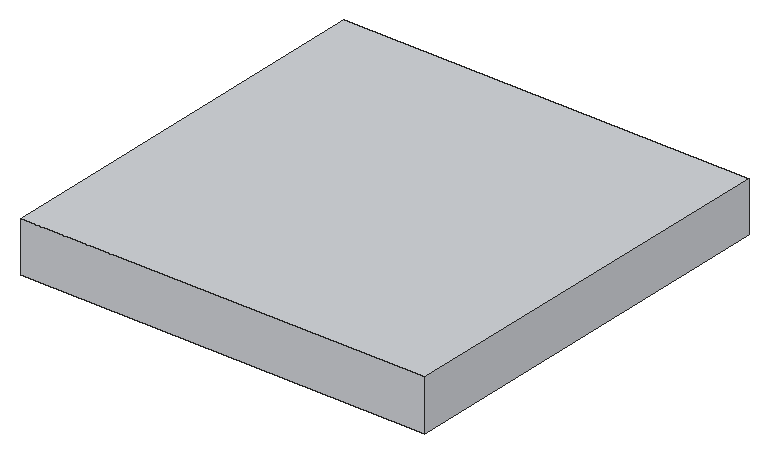
Revit family "CS3(4RED+2RJ45)", category Aparatos eléctricos, Revit 2016
Family settings
  Anfitrión = Cara
  Mantener orientación de anotación = No
  Tipo de pieza = Normal
  Cota de conector redondo = Diámetro de uso
  Número OmniClass = 23.80.50.11.11
  Título OmniClass = Receptacle Terminal Units
  Corte con vacíos al cargar = No
  Compartido = No
  Punto de cálculo de habitación = No
Parameters (values of type "Módulo /4 - Blanco")
  Ø tubo = 15 mm
  Voltaje = 230 V
  URL = "http://www.mmconecta.com/"
  Potencia aparente = 3500 W
  Polos = 1
  Normativas = "UNE 20451 / Marcado CE"  # constant formula
  Modelo = "CS Plus"  # constant formula
  Materia prima = "Policarbonato libre de halógenos"
  Instalación = "Superficie"  # constant formula
  Descripción = "Caja de conexiones tipo CS PLUS"  # constant formula
  Código de montaje = "D5020100"
  Composición = "Cubeta, Marco, Bastidor, Tornillería montaje en superficie (2ud), Laterales (2ud), Tapa para canaleta"  # constant formula
  Capacidad = "Ilimitada"  # constant formula
  CS5 (AltoxLargoxAncho) = "150 x 321,5 x 69 mm"  # constant formula
  CS4 (AltoxLargoxAncho) = "150 x 263,5 x 69 mm"  # constant formula
  CS3 (AltoxLargoxAncho) = "150 x 205,5 x 69 mm"  # constant formula
  CS2 (AltoxLargoxAncho) = "150 x 147,5 x 69 mm"  # constant formula
  CS1 (AltoxLargoxAncho) = "150 x 89,5 x 69 mm"  # constant formula
  Acabado = "Blanco nieve RAL9010"
  Factor de potencia = 1
  Fabricante = "MMCONECTA"  # constant formula
  Elevación por defecto = 1200 mm
  Compatibilidad = "Gama Plus"  # constant formula
  Carga eléctrica = Potencia
Reference planes
  plane 1 "Centro (Frontal/Posterior)": y = 0
  plane 2: z = 0
  plane 3 "Centro (Izquierda/Derecha)": x = 0
Forms (mm)
  Extrusion 1, solid
    sketch origin (0, 0, 0) x (1, 0, 0) y (0, 1, 0)
      loop
        line (-1219.2, 1219.2) -> (-1219.2, -1219.2) -> (1219.2, -1219.2) -> (1219.2, 1219.2) -> (-1219.2, 1219.2)
    from 0 to -304.8
  Extrusion 2, solid, detail levels coarse+medium
    sketch origin (0, 0, 0) x (1, 0, 0) y (0, 1, 0)
      loop
        line (-104.661, 75) -> (-104.661, -75) -> (100.839, -75) -> (100.839, 75) -> (-104.661, 75)
    from 0 to 68.731
Dimensions and locks
  aligned and locked: plane 2 to Extrusion 1
  aligned and locked: level to Extrusion 1
  aligned and locked: plane 3 "Centro (Izquierda/Derecha)" to nested 1
  aligned and locked: plane 1 "Centro (Frontal/Posterior)" to nested 1
  aligned and locked: Extrusion 2 to import instance  (x5)
Nested families
  nested 1: "Simbolo enchufe" at (0, 0, 0), type "4RED+2RJ45", detail levels coarse+medium
Connectors
  cabletrayconduit at (-60.411, -73.6, 8.65), diameter 15, driven by "Ø tubo"
    settings: on import instance, index 1, connector width 300 mm, connector height 300 mm, connector angle 0.00°, system type 32, placement type 0, profile type 0, connector reference index -1, is primary connector yes, connector utility param no, connector description ""
  cabletrayconduit at (-1.911, -73.6, 8.65), diameter 15, driven by "Ø tubo"
    settings: on import instance, index 2, connector width 300 mm, connector height 300 mm, connector angle 0.00°, system type 32, placement type 0, profile type 0, connector reference index -1, is primary connector no, connector utility param no, connector description ""
  cabletrayconduit at (56.589, -73.6, 8.65), diameter 15, driven by "Ø tubo"
    settings: on import instance, index 3, connector width 300 mm, connector height 300 mm, connector angle 0.00°, system type 32, placement type 0, profile type 0, connector reference index -1, is primary connector no, connector utility param no, connector description ""
  electrical at (-60.411, 0, 1)
    settings: on import instance, index 4, voltage 0 V, apparent load 0 W, apparent load phase1 0 W, apparent load phase2 0 W, apparent load phase3 0 W, power factor 1, load classification "Otro", number of poles 1, system type 5, power factor state 1, is connector primary no, connector utility no, sub classification motor no, connector description ""
  electrical at (56.589, 0, 1), driven by "Polos", driven by "Carga eléctrica", driven by "Voltaje", driven by "Potencia aparente", driven by "Factor de potencia"
    settings: on import instance, index 5, voltage 230 V, apparent load 0 W, apparent load phase1 3500 W, apparent load phase2 0 W, apparent load phase3 0 W, power factor 1, load classification "Potencia", number of poles 1, system type 31, power factor state 1, is connector primary yes, connector utility no, sub classification motor no, connector description ""
Definition of nested family "Simbolo enchufe"
  Parameters (values of type "Anotación de toma")
    Anotación de texto de etiqueta = ""
  Reference planes
    plane 1: y = 0
    plane 2: x = 0
  Lines and regions (mm)
    detail lines
      curve 1: line (0, 1.25, 0) -> (0, 0, 0)
      curve 2: line (-1.25, 1.25, 0) -> (1.25, 1.25, 0)
      curve 3: arc (-1.25, 2.5, 0) -> (0, 1.25, 0) -> (1.25, 2.5, 0) r 1.25
  Text (mm)
    text "4RED+2RJ45" at (-6.057, 0.205, 0)
